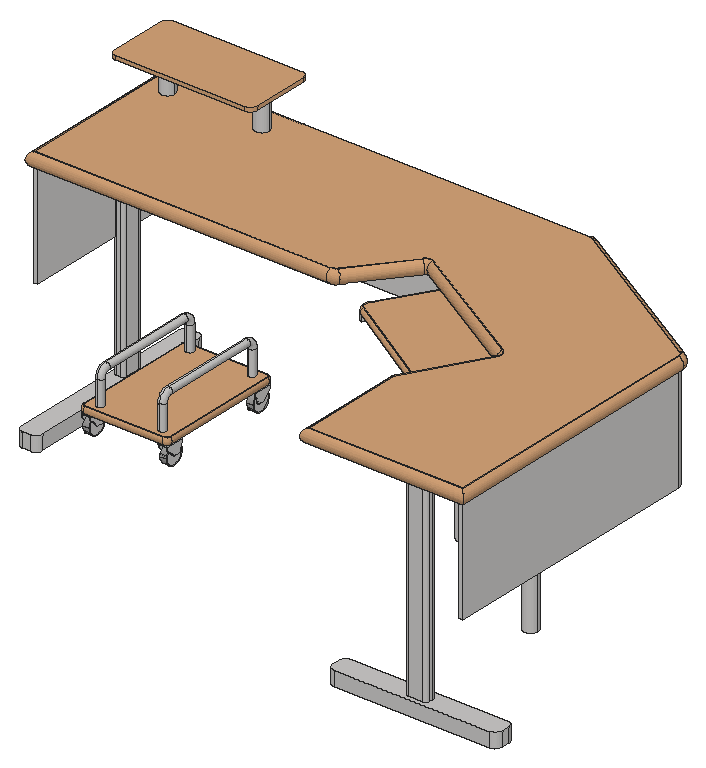
Revit family "Desk-Corner-Computer-2_SMARTBIM", category Furniture, Revit 2013
Parameters (values of type "Desk-Corner-Computer-2_Tectonic")
  Table = Wood Cherry
  Subcategory = "Office Furniture"
  Stand = Metal White
  SmartBIM Object Version = 3  # constant formula
  SmartBIM Object Created By = "SMARTBIM, LLC"  # "Reed Construction Data"
  Manufacturer = "SMARTBIM"
  Keyboard Depth = 12"
  Keyboard Width = 22"
  Height = 35 1/2"
  Depth = 40 1/2"
  Default Elevation = 0"  # constant formula
  Assembly Code = "E2010"
  95 CSI = "12510"  # constant formula
  04 CSI = "12 51 00"  # constant formula
Reference planes (in)
  plane 1 "Center F/B": y = 2.95731
  plane 2: z = 0
  plane 3 "Center L/R": x = -4
  plane 4 "Rare Edge Of The Table": y = 23.20731
  plane 5 "Front Edge Of The Table": y = -17.29269
  plane 6 "Left Edge Of The Table": x = -45.75
  plane 7 "Right Edge Of The Table": x = 37.75
  plane 8 "Top Edge Of The Table": z = 35.5
  plane 9: z = 33.5
  plane 10: y = -29.29269
  plane 11: z = 41.5
  plane 12: z = 3
  plane 13: z = 29.5
  plane 14: through (6.77835, 10.6128, 48) normal (0.5248, 0.8512, 0)
  plane 15: x = -39.75
  plane 16: x = -31.02671
Forms (in)
  Extrusion 1, solid, material "Wood Cherry" <- "Table"
    sketch origin (0, 0, 0) x (1, 0, 0) y (0, 1, 0)
      loop
        arc (-44.75, 23.20731) -> (-45.45711, 22.91442) -> (-45.75, 22.20731) r 1
        line (-45.75, 22.20731) -> (-45.75, 0.11432) -> (-4.26337, 0.11432)
        arc (-4.26337, 0.11432) -> (-3.82346, 0.21628) -> (-3.47325, 0.50136) r 1
        line (-3.47325, 0.50136) -> (2.31498, 7.96265)
        arc (2.31498, 7.96265) -> (2.91635, 8.33172) -> (3.6117, 8.21188) r 1
        line (3.6117, 8.21188) -> (21.959, -2.56865)
        arc (21.959, -2.56865) -> (22.42027, -3.1794) -> (22.31458, -3.93743) r 1
        line (22.31458, -3.93743) -> (16.35229, -14.20961)
        arc (16.35229, -14.20961) -> (16.24954, -14.4537) -> (16.21447, -14.71621) r 1
        line (16.21447, -14.71621) -> (16.21447, -29.29269) -> (37.75, -29.29269) -> (37.75, 8.46745)
        arc (37.75, 8.46745) -> (37.64804, 8.90736) -> (37.36295, 9.25757) r 1
        line (37.36295, 9.25757) -> (14.06929, 23.06949)
        arc (14.06929, 23.06949) -> (13.8252, 23.17224) -> (13.56269, 23.20731) r 1
        line (13.56269, 23.20731) -> (-44.75, 23.20731)
    from 33.5 to 35.5
  Sweep 2, solid, material "Wood Cherry" <- "Table"
    path origin (-75.69589, -180, 35.5) x (-1, 0, 0) y (0, -1, 0)
      loop
        line (-48.94589, -203.20731) -> (-30.94589, -203.20731)
        arc (-30.94589, -203.20731) -> (-30.23878, -202.91442) -> (-29.94589, -202.20731) r 1
        line (-29.94589, -202.20731) -> (-29.94589, -180.11432) -> (-71.43251, -180.11432)
        arc (-71.43251, -180.11432) -> (-71.87243, -180.21628) -> (-72.22264, -180.50136) r 1
        line (-72.22264, -180.50136) -> (-78.01086, -187.96265)
        arc (-78.01086, -187.96265) -> (-78.61224, -188.33172) -> (-79.30759, -188.21188) r 1
        line (-79.30759, -188.21188) -> (-97.65489, -177.43135)
        arc (-97.65489, -177.43135) -> (-98.11616, -176.8206) -> (-98.01046, -176.06257) r 1
        line (-98.01046, -176.06257) -> (-92.04817, -165.79039)
        arc (-92.04817, -165.79039) -> (-91.94542, -165.5463) -> (-91.91035, -165.28379) r 1
        line (-91.91035, -165.28379) -> (-91.91035, -150.70731) -> (-113.44589, -150.70731) -> (-113.44589, -188.46745)
        arc (-113.44589, -188.46745) -> (-113.34393, -188.90736) -> (-113.05884, -189.25757) r 1
        line (-113.05884, -189.25757) -> (-89.76518, -203.06949)
        arc (-89.76518, -203.06949) -> (-89.52109, -203.17224) -> (-89.25858, -203.20731) r 1
    profile origin (-45.45711, 22.91442, 35.5) x (0.707107, -0.707107, 0) y (0, 0, 1)
      loop
        arc (0, 0) -> (-0.69198, -1) -> (0, -2) r 1.06855
        line (0, -2) -> (0, 0)
  Extrusion 3, solid, material "Metal White" <- "Stand"
    sketch origin (-75.69589, -180, 35.5) x (-1, 0, 0) y (0, -1, 0)
      loop
        circle (-46.177, -199.71873) r 1
      loop
        circle (-32.927, -199.71873) r 1
    from 0 to 6
  Extrusion 4, solid, material "Wood Cherry" <- "Table"
    sketch origin (-75.69589, -180, 35.5) x (-1, 0, 0) y (0, -1, 0)
      loop
        arc (-30.94589, -203.20731) -> (-30.23878, -202.91442) -> (-29.94589, -202.20731) r 1
        line (-29.94589, -202.20731) -> (-29.94589, -194.20731)
        arc (-29.94589, -194.20731) -> (-30.23878, -193.5002) -> (-30.94589, -193.20731) r 1
        line (-30.94589, -193.20731) -> (-48.94589, -193.20731)
        arc (-48.94589, -193.20731) -> (-49.65299, -193.5002) -> (-49.94589, -194.20731) r 1
        line (-49.94589, -194.20731) -> (-49.94589, -202.20731)
        arc (-49.94589, -202.20731) -> (-49.65299, -202.91442) -> (-48.94589, -203.20731) r 1
        line (-48.94589, -203.20731) -> (-30.94589, -203.20731)
    from 6 to 6.5
  Extrusion 5, solid, material "Metal White" <- "Stand"
    sketch origin (-75.69589, -180, 35.5) x (-1, 0, 0) y (0, -1, 0)
      loop
        line (-29.94589, -205.20731) -> (-29.94589, -177.95731)
        arc (-29.94589, -177.95731) -> (-30.23878, -177.2502) -> (-30.94589, -176.95731) r 1
        line (-30.94589, -176.95731) -> (-31.94589, -176.95731)
        arc (-31.94589, -176.95731) -> (-32.65299, -177.2502) -> (-32.94589, -177.95731) r 1
        line (-32.94589, -177.95731) -> (-32.94589, -205.20731)
        arc (-32.94589, -205.20731) -> (-32.65299, -205.91442) -> (-31.94589, -206.20731) r 1
        line (-31.94589, -206.20731) -> (-30.94589, -206.20731)
        arc (-30.94589, -206.20731) -> (-30.23878, -205.91442) -> (-29.94589, -205.20731) r 1
      loop
        line (-90.69589, -156.70731) -> (-112.44589, -156.70731)
        arc (-112.44589, -156.70731) -> (-113.15299, -157.0002) -> (-113.44589, -157.70731) r 1
        line (-113.44589, -157.70731) -> (-113.44589, -158.70731)
        arc (-113.44589, -158.70731) -> (-113.15299, -159.41442) -> (-112.44589, -159.70731) r 1
        line (-112.44589, -159.70731) -> (-90.69589, -159.70731)
        arc (-90.69589, -159.70731) -> (-89.98878, -159.41442) -> (-89.69589, -158.70731) r 1
        line (-89.69589, -158.70731) -> (-89.69589, -157.70731)
        arc (-89.69589, -157.70731) -> (-89.98878, -157.0002) -> (-90.69589, -156.70731) r 1
    from -35.5 to -33.5
  Extrusion 6, solid, material "Metal White" <- "Stand"
    sketch origin (-75.69589, -180, 35.5) x (-1, 0, 0) y (0, -1, 0)
      loop
        arc (-31.00257, -196.27152) -> (-30.64902, -196.12508) -> (-30.50257, -195.77152) r 0.5
        line (-30.50257, -195.77152) -> (-30.50257, -193.77152)
        arc (-30.50257, -193.77152) -> (-30.64902, -193.41797) -> (-31.00257, -193.27152) r 0.5
        line (-31.00257, -193.27152) -> (-31.50257, -193.27152)
        arc (-31.50257, -193.27152) -> (-31.85613, -193.41797) -> (-32.00257, -193.77152) r 0.5
        line (-32.00257, -193.77152) -> (-32.00257, -195.77152)
        arc (-32.00257, -195.77152) -> (-31.85613, -196.12508) -> (-31.50257, -196.27152) r 0.5
        line (-31.50257, -196.27152) -> (-31.00257, -196.27152)
      loop
        arc (-100.61378, -158.84059) -> (-100.26023, -158.69414) -> (-100.11378, -158.34059) r 0.5
        line (-100.11378, -158.34059) -> (-100.11378, -157.84059)
        arc (-100.11378, -157.84059) -> (-100.26023, -157.48704) -> (-100.61378, -157.34059) r 0.5
        line (-100.61378, -157.34059) -> (-102.61378, -157.34059)
        arc (-102.61378, -157.34059) -> (-102.96734, -157.48704) -> (-103.11378, -157.84059) r 0.5
        line (-103.11378, -157.84059) -> (-103.11378, -158.34059)
        arc (-103.11378, -158.34059) -> (-102.96734, -158.69414) -> (-102.61378, -158.84059) r 0.5
        line (-102.61378, -158.84059) -> (-100.61378, -158.84059)
    from -2 to -33.5
  Extrusion 7, solid, material "Wood Cherry" <- "Table"
    sketch origin (-75.69589, -180, 35.5) x (-1, 0, 0) y (0, -1, 0)
      loop
        arc (-45.80753, -182.95731) -> (-46.16109, -183.10376) -> (-46.30753, -183.45731) r 0.5
        line (-46.30753, -183.45731) -> (-46.30753, -200.45731)
        arc (-46.30753, -200.45731) -> (-46.16109, -200.81086) -> (-45.80753, -200.95731) r 0.5
        line (-45.80753, -200.95731) -> (-34.80753, -200.95731)
        arc (-34.80753, -200.95731) -> (-34.45398, -200.81086) -> (-34.30753, -200.45731) r 0.5
        line (-34.30753, -200.45731) -> (-34.30753, -183.45731)
        arc (-34.30753, -183.45731) -> (-34.45398, -183.10376) -> (-34.80753, -182.95731) r 0.5
        line (-34.80753, -182.95731) -> (-45.80753, -182.95731)
    from -31.5 to -32.5
  Sweep 8, solid, material "Wood Cherry" <- "Table"
    path in 3D
      loop
        arc (-29.38836, 20.45731, 4) -> (-29.5348, 20.81086, 4) -> (-29.88836, 20.95731, 4) r 0.5
        line (-29.88836, 20.95731, 4) -> (-40.88836, 20.95731, 4)
        arc (-40.88836, 20.95731, 4) -> (-41.24191, 20.81086, 4) -> (-41.38836, 20.45731, 4) r 0.5
        line (-41.38836, 20.45731, 4) -> (-41.38836, 3.45731, 4)
        arc (-41.38836, 3.45731, 4) -> (-41.24191, 3.10376, 4) -> (-40.88836, 2.95731, 4) r 0.5
        line (-40.88836, 2.95731, 4) -> (-29.88836, 2.95731, 4)
        arc (-29.88836, 2.95731, 4) -> (-29.5348, 3.10376, 4) -> (-29.38836, 3.45731, 4) r 0.5
        line (-29.38836, 3.45731, 4) -> (-29.38836, 20.45731, 4)
    profile origin (-29.38836, 11.95731, 4) x (-1, 0, 0) y (0, 0, 1)
      loop
        arc (0, 0) -> (-0.19183, -0.5) -> (0, -1) r 0.74752
        line (0, -1) -> (0, 0)
  Extrusion 9, solid, material "Metal White" <- "Stand"
    sketch origin (-75.69589, -180, 35.5) x (-1, 0, 0) y (0, -1, 0)
      loop
        circle (-99.38505, -180.18713) r 1
      loop
        circle (-81.04274, -191.49533) r 1
    from -35.5 to -6
  Sweep 10, solid, material "Metal White" <- "Stand"
    path origin (-75.69589, -180, 35.5) x (-1, 0, 0) y (0, -1, 0)
      loop
        line (-29.94589, -180.11432) -> (-29.94589, -202.20731)
        arc (-29.94589, -202.20731) -> (-30.23878, -202.91442) -> (-30.94589, -203.20731) r 1
        line (-30.94589, -203.20731) -> (-89.25858, -203.20731)
        arc (-89.25858, -203.20731) -> (-89.52109, -203.17224) -> (-89.76518, -203.06949) r 1
        line (-89.76518, -203.06949) -> (-113.05884, -189.25757)
        arc (-113.05884, -189.25757) -> (-113.34393, -188.90736) -> (-113.44589, -188.46745) r 1
        line (-113.44589, -188.46745) -> (-113.44589, -150.70731)
    profile origin (37.64804, 8.90736, 35.5) x (0.89804, 0.439914, 0) y (0, 0, 1)
      loop
        line (0, -2) -> (-0.5, -2) -> (-0.5, -16.5) -> (0, -16.5) -> (0, -2)
  Sweep 11, solid, material "Metal White" <- "Stand"
    path origin (-39.75, 29.5135, 48) x (0, 1, 0) y (0, 0, 1)
      loop
        line (-9.66703, -44) -> (-9.66703, -40.56341)
        arc (-9.66703, -40.56341) -> (-9.95992, -39.85631) -> (-10.66703, -39.56341) r 1
        line (-10.66703, -39.56341) -> (-24.32036, -39.56341)
        arc (-24.32036, -39.56341) -> (-25.02747, -39.85631) -> (-25.32036, -40.56341) r 1
        line (-25.32036, -40.56341) -> (-25.32036, -44)
    profile origin (-39.75, 19.84648, 5.71829) x (0, -1, 0) y (1, 0, 0)
      loop
        circle (0, 0) r 0.5
  Sweep 12, solid, material "Metal White" <- "Stand"
    path origin (-31.02671, 29.5135, 48) x (0, 1, 0) y (0, 0, 1)
      loop
        line (-9.66703, -44) -> (-9.66703, -40.56341)
        arc (-9.66703, -40.56341) -> (-9.95992, -39.85631) -> (-10.66703, -39.56341) r 1
        line (-10.66703, -39.56341) -> (-24.32036, -39.56341)
        arc (-24.32036, -39.56341) -> (-25.02747, -39.85631) -> (-25.32036, -40.56341) r 1
        line (-25.32036, -40.56341) -> (-25.32036, -44)
    profile origin (-31.02671, 19.84648, 5.71829) x (0, 1, 0) y (-1, 0, 0)
      loop
        circle (0, 0) r 0.5
Cuts and joins
  joined: Extrusion 3, Sweep 11
Lines and regions (in)
  sketch lines
    curve 1: line (-29.38836, 3.45731, 4) -> (-29.38836, 20.45731, 4)
    curve 2: arc (-29.88836, 20.95731, 4) -> (-29.5348, 20.81086, 4) -> (-29.38836, 20.45731, 4) r 0.5
    curve 3: line (-29.88836, 20.95731, 4) -> (-40.88836, 20.95731, 4)
    curve 4: arc (-41.38836, 20.45731, 4) -> (-41.24191, 20.81086, 4) -> (-40.88836, 20.95731, 4) r 0.5
    curve 5: line (-41.38836, 20.45731, 4) -> (-41.38836, 3.45731, 4)
    curve 6: arc (-40.88836, 2.95731, 4) -> (-41.24191, 3.10376, 4) -> (-41.38836, 3.45731, 4) r 0.5
    curve 7: line (-40.88836, 2.95731, 4) -> (-29.88836, 2.95731, 4)
    curve 8: arc (-29.38836, 3.45731, 4) -> (-29.5348, 3.10376, 4) -> (-29.88836, 2.95731, 4) r 0.5
Dimensions and locks (in)
  equal spacing: plane 4 "Rare Edge Of The Table", plane 1 "Center F/B", plane 5 "Front Edge Of The Table"
  "Depth": plane 4 "Rare Edge Of The Table" to plane 5 "Front Edge Of The Table"
  equal spacing: plane 6 "Left Edge Of The Table", plane 3 "Center L/R", plane 7 "Right Edge Of The Table"
  locked: plane 6 "Left Edge Of The Table" to plane 7 "Right Edge Of The Table" at 83.5
  "Height": plane 8 "Top Edge Of The Table" to plane 2
  locked: plane 8 "Top Edge Of The Table" to plane 9 at 2
  locked: plane 5 "Front Edge Of The Table" to plane 10 at 12
  locked: plane 11 to plane 8 "Top Edge Of The Table" at 6
  locked: Extrusion 4 to Extrusion 4 at 0.5
  locked: Extrusion 5 sketch curve to plane 1 "Center F/B" at 6
  locked: Extrusion 5 sketch curve to plane 4 "Rare Edge Of The Table" at 3
  locked: Extrusion 5 to Extrusion 5 at 2
  locked: Extrusion 6 sketch curve to Extrusion 5 at 0.94331
  locked: Extrusion 5 to Extrusion 6 sketch curve at 0.55669
  locked: plane 12 to level at 3
  locked: Extrusion 7 to Extrusion 7 at 1
  locked: Extrusion 7 sketch curve to Extrusion 7 sketch curve at 18
  locked: Extrusion 7 sketch curve to Extrusion 7 sketch curve at 12
  locked: plane 6 "Left Edge Of The Table" to Extrusion 7 sketch curve at 4.36164
  locked: plane 9 to plane 13 at 4
  locked: plane 6 "Left Edge Of The Table" to plane 15 at 6
  locked: Sweep 12 sketch curve to Sweep 12 sketch curve at 15.65333
  locked: Sweep 11 sketch curve to Sweep 11 sketch curve at 15.65333
  locked: nested 5 to Extrusion 9 sketch curve at 1.27399  (x2)
  aligned and locked: Extrusion 1 sketch curve to plane 4 "Rare Edge Of The Table"
  aligned and locked: Extrusion 1 sketch curve to plane 6 "Left Edge Of The Table"
  aligned and locked: plane 8 "Top Edge Of The Table" to Extrusion 1
  aligned and locked: Extrusion 1 to plane 9
  aligned and locked: plane 10 to Extrusion 1 sketch curve
  aligned and locked: Sweep 2 sketch curve to Extrusion 1  (x11)
  aligned and locked: Extrusion 1 to Sweep 2 sketch curve  (x2)
  aligned and locked: plane 11 to Extrusion 3
  aligned and locked: Extrusion 3 to plane 8 "Top Edge Of The Table"
  aligned and locked: Extrusion 4 sketch curve to plane 4 "Rare Edge Of The Table"
  aligned and locked: Extrusion 4 sketch curve to plane 6 "Left Edge Of The Table"
  aligned and locked: Extrusion 4 to plane 11
  aligned and locked: Extrusion 5 sketch curve to plane 6 "Left Edge Of The Table"
  aligned and locked: Extrusion 5 sketch curve to plane 7 "Right Edge Of The Table"
  aligned and locked: Extrusion 5 to level
  aligned and locked: Extrusion 6 to Extrusion 5
  aligned and locked: plane 9 to Extrusion 6
  aligned and locked: Extrusion 7 sketch curve to plane 1 "Center F/B"
  aligned and locked: Extrusion 7 to plane 12
  aligned and locked: Extrusion 7 to Sweep 8 sketch curve
  aligned and locked: Sweep 8 sketch curve to Extrusion 7  (x2)
  aligned and locked: plane 1 "Center F/B" to nested 1
  aligned and locked: nested 2 to plane 1 "Center F/B"
  aligned and locked: nested 3 to nested 1
  aligned and locked: nested 4 to nested 2
  aligned and locked: plane 13 to Extrusion 9
  aligned and locked: plane 13 to nested 5
  aligned and locked: nested 5 to plane 14
  aligned and locked: profile plane to Sweep 10 sketch curve
  aligned and locked: Extrusion 9 to level
  aligned and locked: Sweep 2 sketch curve to Extrusion 4
  aligned and locked: Sweep 10 sketch curve to Extrusion 1
Automatic sketch dimensions
  Extrusion 1 sketch curve to plane 7 "Right Edge Of The Table" = 0"
  Extrusion 1 sketch curve to Extrusion 1 sketch curve = 1"
  Extrusion 1 sketch curve to plane 3 "Center L/R" = 0.26337"
  plane 3 "Center L/R" to Extrusion 1 sketch curve = 0.52675"
  plane 3 "Center L/R" to Extrusion 1 sketch curve = 6.31498"
  Extrusion 1 sketch curve to Extrusion 1 sketch curve = 0.79012"
  Extrusion 1 sketch curve to Extrusion 1 sketch curve = 0.5066"  (x4)
  plane 3 "Center L/R" to Extrusion 1 sketch curve = 17.56269"
  Extrusion 1 sketch curve to plane 4 "Rare Edge Of The Table" = 0.13782"
  plane 5 "Front Edge Of The Table" to Extrusion 1 sketch curve = 2.57648"
  plane 3 "Center L/R" to Extrusion 1 sketch curve = 20.21447"
  plane 5 "Front Edge Of The Table" to Extrusion 1 sketch curve = 3.08308"
  Extrusion 1 sketch curve to Extrusion 1 sketch curve = 0.13782"
  Extrusion 1 sketch curve to Extrusion 1 sketch curve = 5.10011"
  plane 1 "Center F/B" to Extrusion 1 sketch curve = 6.89474"
  Extrusion 1 sketch curve to Extrusion 1 sketch curve = 0.86218"
  Extrusion 1 sketch curve to plane 7 "Right Edge Of The Table" = 1"
  Extrusion 1 sketch curve to plane 7 "Right Edge Of The Table" = 0.38705"
  plane 1 "Center F/B" to Extrusion 1 sketch curve = 2.84299"
  Extrusion 1 sketch curve to Extrusion 1 sketch curve = 0.38705"
  Extrusion 1 sketch curve to plane 1 "Center F/B" = 4.39239"
  Extrusion 1 sketch curve to Extrusion 1 sketch curve = 0.61295"
  Extrusion 1 sketch curve to plane 1 "Center F/B" = 5.51014"
  Sweep 2 sketch curve to Sweep 2 sketch curve = 0.86218"
  plane 1 "Center F/B" to Sweep 2 sketch curve = 5.52596"
  Sweep 2 sketch curve to Sweep 2 sketch curve = 0.13782"
  Sweep 2 sketch curve to Sweep 2 sketch curve = 0.5066"
  Sweep 2 sketch curve to Sweep 2 sketch curve = 0.79012"
  plane 3 "Center L/R" to Sweep 2 sketch curve = 0.52675"
  Sweep 2 sketch curve to profile plane = 0.37657"
  Extrusion 3 sketch curve to plane 16 = 1 65/128"
  plane 6 "Left Edge Of The Table" to Extrusion 3 sketch curve = 2.98112"
  Extrusion 3 sketch curve to plane 4 "Rare Edge Of The Table" = 3.48858"  (x2)
  plane 6 "Left Edge Of The Table" to Extrusion 4 sketch curve = 1"  (x2)
  Extrusion 4 sketch curve to plane 16 = 4.27671"  (x2)
  Extrusion 4 sketch curve to plane 4 "Rare Edge Of The Table" = 1"
  Extrusion 4 sketch curve to Extrusion 4 sketch curve = 8"
  Extrusion 5 sketch curve to plane 7 "Right Edge Of The Table" = 1"  (x2)
  Extrusion 5 sketch curve to plane 5 "Front Edge Of The Table" = 3"
  plane 3 "Center L/R" to Extrusion 5 sketch curve = 19"
  Extrusion 5 sketch curve to Extrusion 5 sketch curve = 0"
  Extrusion 5 sketch curve to Extrusion 5 sketch curve = 1"  (x6)
  Extrusion 5 sketch curve to Extrusion 5 sketch curve = 3"
  Extrusion 6 sketch curve to plane 5 "Front Edge Of The Table" = 4.36672"
  Extrusion 6 sketch curve to plane 7 "Right Edge Of The Table" = 13.33211"
  Extrusion 6 sketch curve to Extrusion 6 sketch curve = 1/2"  (x8)
  Extrusion 6 sketch curve to Extrusion 6 sketch curve = 2"  (x2)
  Extrusion 6 sketch curve to Extrusion 6 sketch curve = 0"
  Extrusion 6 sketch curve to plane 4 "Rare Edge Of The Table" = 9.93579"
  Extrusion 7 sketch curve to Extrusion 7 sketch curve = 1/2"  (x4)
  Sweep 8 sketch curve to profile plane = 0.55569"
  plane 1 "Center F/B" to Sweep 10 sketch curve = 2.84299"
  Sweep 10 sketch curve to plane 5 "Front Edge Of The Table" = 12"
  profile plane to Sweep 10 sketch curve = 1/2"
  Sweep 10 sketch curve to Sweep 10 sketch curve = 14 1/2"
  Sweep 11 sketch curve to plane 1 "Center F/B" = 1.23583"
  Sweep 11 sketch curve to Sweep 11 sketch curve = 1"  (x2)
  Sweep 11 sketch curve to Sweep 11 sketch curve = 3.43659"
  Sweep 11 sketch curve to plane 15 = 0"
  Sweep 11 sketch curve to profile plane = 0"
  Sweep 12 sketch curve to profile plane = 0"  (x2)
  plane 1 "Center F/B" to Sweep 12 sketch curve = 1.23583"
  Sweep 12 sketch curve to Sweep 12 sketch curve = 1"  (x2)
  Sweep 12 sketch curve to plane 12 = 1"  (x2)
  Sweep 12 sketch curve to Sweep 12 sketch curve = 3.43659"
  plane 12 to Sweep 11 sketch curve = 1"  (x2)
  Sweep 2 sketch curve to plane 16 = 4.27671"
  Sweep 10 sketch curve to plane 7 "Right Edge Of The Table" = 0"
  Sweep 10 sketch curve to plane 6 "Left Edge Of The Table" = 0"
  Sweep 10 sketch curve to plane 7 "Right Edge Of The Table" = 0.38705"
  Sweep 10 sketch curve to Sweep 10 sketch curve = 1"
  Sweep 10 sketch curve to plane 4 "Rare Edge Of The Table" = 0.13782"
  plane 3 "Center L/R" to Sweep 10 sketch curve = 18.06929"
  Sweep 10 sketch curve to Sweep 10 sketch curve = 0.5066"
  Sweep 10 sketch curve to plane 4 "Rare Edge Of The Table" = 1"
  Sweep 10 sketch curve to plane 1 "Center F/B" = 6.30026"
  Extrusion 9 sketch curve to plane 14 = 0"  (x2)
  radius of Extrusion 3 sketch curve = 1"  (x2)
  radius of Sweep 11 sketch curve = 1/2"
  radius of Sweep 12 sketch curve = 1/2"
  radius of Extrusion 9 sketch curve = 1"  (x2)
Nested families (in)
  nested 1: "Small Wheel" at (-40.7446, 4.19314, 0) x (0, 1, 0) z (0, 0, 1), type "Small Wheel"
  nested 2: "Small Wheel" at (-30.03212, 4.19314, 0) x (0, 1, 0) z (0, 0, 1), type "Small Wheel"
  nested 3: "Small Wheel" at (-40.7446, 19.72148, 0) x (0, -1, 0) z (0, 0, 1), type "Small Wheel"
  nested 4: "Small Wheel" at (-30.03212, 19.72148, 0) x (0, -1, 0) z (0, 0, 1), type "Small Wheel"
  nested 5: "Key Board Plate" at (9.79669, -1.06599, 29.5) x (0.8512, -0.5248, 0) z (0, 0, 1), type "Key Board Plate"
    with Width 22", Depth 12"
Definition of nested family "Small Wheel"
  Parameters (values of type "Small Wheel")
    Rubber Wheel = Rubber
    Grips Of The Wheel's = Stainless Steel
    Assembly Code = ""
  Reference planes (in)
    plane 1 "Center F/B": y = 0
    plane 2: z = 0
    plane 3 "Center L/R": x = 0
  Forms (in)
    Extrusion 1, solid, material "Stainless Steel" <- "Grips Of The Wheel's"
      sketch origin (27.89668, 0.44611, -2.21649) x (1, 0, 0) y (0, 0, 1)
        loop
          circle (-27.73472, 3.53117) r 1.31691
      from -0.0435 to 0.8651
    Extrusion 2, solid, material "Stainless Steel" <- "Grips Of The Wheel's"
      sketch origin (27.89668, 0.44611, -2.19384) x (1, 0, 0) y (0, 1, 0)
        loop
          line (-26.52198, 0.19765) -> (-29.13251, 0.19765) -> (-29.13251, -1.08987) -> (-26.52198, -1.08987) -> (-26.52198, 0.19765)
      from 4.9967 to 5.19384
    Extrusion 3, solid, material "Stainless Steel" <- "Grips Of The Wheel's"
      sketch origin (27.89668, -0.44611, -1.96649) x (1, 0, 0) y (0, 0, -1)
        loop
          line (-28.16516, -3.41981) -> (-29.0165, -4.35063)
          arc (-29.0165, -4.35063) -> (-29.06081, -4.62015) -> (-28.83203, -4.76936) r 0.25
          line (-28.83203, -4.76936) -> (-26.81461, -4.76936)
          arc (-26.81461, -4.76936) -> (-26.62191, -4.67183) -> (-26.58639, -4.4588) r 0.23914
          line (-26.58639, -4.4588) -> (-26.73895, -3.97125) -> (-26.91604, -3.49226)
          arc (-26.91604, -3.49226) -> (-27.09983, -3.30079) -> (-27.35571, -3.23035) r 0.5
          line (-27.35571, -3.23035) -> (-27.73511, -3.23035)
          arc (-27.73511, -3.23035) -> (-27.97008, -3.27981) -> (-28.16516, -3.41981) r 0.58279
      from -0.19765 to -0.06918
    Extrusion 4, solid, material "Stainless Steel" <- "Grips Of The Wheel's"
      sketch origin (27.89668, 0.7067, -1.96649) x (1, 0, 0) y (0, 0, -1)
        loop
          line (-28.16516, -3.41981) -> (-29.01999, -4.35444)
          arc (-29.01999, -4.35444) -> (-29.06429, -4.62396) -> (-28.83551, -4.77316) r 0.25
          line (-28.83551, -4.77316) -> (-26.82065, -4.77316)
          arc (-26.82065, -4.77316) -> (-26.61814, -4.66975) -> (-26.58316, -4.44508) r 0.25
          line (-26.58316, -4.44508) -> (-26.73895, -3.97125) -> (-26.91604, -3.49226)
          arc (-26.91604, -3.49226) -> (-27.09983, -3.30079) -> (-27.35571, -3.23035) r 0.5
          line (-27.35571, -3.23035) -> (-27.73511, -3.23035)
          arc (-27.73511, -3.23035) -> (-27.97008, -3.27981) -> (-28.16516, -3.41981) r 0.58279
      from -0.18267 to -0.06294
    Extrusion 5, solid, material "Default"
      sketch origin (0, 0, 0) x (1, 0, 0) y (0, 0, 1)
        loop
          circle (0.16196, 1.31467) r 1.31691
        loop
          circle (0.16196, 1.31467) r 1.32893
      from -0.48961 to 0.41899
  Cuts and joins
    joined: Extrusion 1, Extrusion 2
  Dimensions and locks (in)
    locked: cut or joined group of Extrusion 1, Extrusion 2 to level at 3
    aligned and locked: cut or joined group of Extrusion 1, Extrusion 2 to Extrusion 3
    aligned and locked: Extrusion 4 sketch curve to Extrusion 3
    aligned and locked: Extrusion 5 sketch curve to cut or joined group of Extrusion 1, Extrusion 2  (x2)
    aligned and locked: Extrusion 5 to cut or joined group of Extrusion 1, Extrusion 2
    aligned: Extrusion 5 to cut or joined group of Extrusion 1, Extrusion 2
Definition of nested family "Key Board Plate"
  Parameters (values of type "Key Board Plate")
    Width = 18"
    Stand = Metal White
    Key Board Plate = Wood Cherry
    Depth = 9"
    Default Elevation = 48"
  Reference planes (in)
    plane 1 "Center (Front/Back)": y = 2.35734
    plane 2: z = 0
    plane 3 "Center (Left/Right)": x = 0.39408
    plane 4: x = -8.60592
    plane 5: x = 9.39408
    plane 6: y = 6.85734
    plane 7: y = -2.14266
  Forms (in)
    Extrusion 1, solid, material "Wood Cherry" <- "Key Board Plate"
      sketch origin (191.95731, -40.30753, 1.25) x (0, -1, 0) y (1, 0, 0)
        loop
          arc (-46.66487, -182.56323) -> (-47.01843, -182.70968) -> (-47.16487, -183.06323) r 0.5
          line (-47.16487, -183.06323) -> (-47.16487, -200.06323)
          arc (-47.16487, -200.06323) -> (-47.01843, -200.41678) -> (-46.66487, -200.56323) r 0.5
          line (-46.66487, -200.56323) -> (-39.26487, -200.56323)
          arc (-39.26487, -200.56323) -> (-38.48706, -200.24105) -> (-38.16487, -199.46323) r 1.1
          line (-38.16487, -199.46323) -> (-38.16487, -183.06323)
          arc (-38.16487, -183.06323) -> (-38.31132, -182.70968) -> (-38.66487, -182.56323) r 0.5
          line (-38.66487, -182.56323) -> (-46.66487, -182.56323)
      from 0.75 to -0.25
    Sweep 2, solid, material "Wood Cherry" <- "Key Board Plate"
      path origin (191.95731, -40.30753, 2) x (0, -1, 0) y (1, 0, 0)
        loop
          line (-47.16487, -183.06323) -> (-47.16487, -200.06323)
          arc (-47.16487, -200.06323) -> (-47.01843, -200.41678) -> (-46.66487, -200.56323) r 0.5
          line (-46.66487, -200.56323) -> (-39.26487, -200.56323)
          arc (-39.26487, -200.56323) -> (-38.48706, -200.24105) -> (-38.16487, -199.46323) r 1.1
          line (-38.16487, -199.46323) -> (-38.16487, -183.06323)
          arc (-38.16487, -183.06323) -> (-38.31132, -182.70968) -> (-38.66487, -182.56323) r 0.5
          line (-38.66487, -182.56323) -> (-46.66487, -182.56323)
          arc (-46.66487, -182.56323) -> (-47.01843, -182.70968) -> (-47.16487, -183.06323) r 0.5
      profile origin (0.39408, 6.85734, 2) x (0, -1, 0) y (0, 0, 1)
        loop
          arc (0, 0) -> (-0.32649, -0.5) -> (0, -1) r 0.5461
          line (0, -1) -> (0, 0)
    Extrusion 3, solid, material "Metal White" <- "Stand"
      sketch origin (0.39408, 4.71469, 0) x (0, -1, 0) y (0, 0, -1)
        loop
          line (6.85734, -1) -> (6.85734, 0) -> (-4.89266, 0) -> (-4.89266, -0.5) -> (6.35734, -0.5) -> (6.35734, -1) -> (6.85734, -1)
      from 8.5 to 9
    Extrusion 4, solid, material "Metal White" <- "Stand"
      sketch origin (0.39408, 4.71469, 0) x (0, -1, 0) y (0, 0, 1)
        loop
          line (6.85734, 1) -> (6.35734, 1) -> (6.35734, 0.5) -> (-4.89266, 0.5) -> (-4.89266, 0) -> (6.85734, 0) -> (6.85734, 1)
      from 8.5 to 9
  Cuts and joins
    joined: Extrusion 3, Extrusion 4
  Dimensions and locks (in)
    equal spacing: plane 4, plane 3 "Center (Left/Right)", plane 5
    "Width": plane 4 to plane 5
    equal spacing: plane 6, plane 1 "Center (Front/Back)", plane 7
    "Depth": plane 6 to plane 7
    locked: Extrusion 1 to Extrusion 1 at 1
    locked: Extrusion 3 to Extrusion 3 at 0.5
    locked: Extrusion 4 to Extrusion 4 at 0.5
    aligned and locked: Sweep 2 sketch curve to Extrusion 1  (x5)
    aligned and locked: Extrusion 1 to Sweep 2 sketch curve
    aligned and locked: cut or joined group of Extrusion 3, Extrusion 4 to plane 4
    aligned and locked: plane 5 to cut or joined group of Extrusion 3, Extrusion 4
  Automatic sketch dimensions
    Extrusion 1 sketch curve to plane 6 = 0"
    Extrusion 1 sketch curve to plane 4 = 0"
    Extrusion 1 sketch curve to plane 5 = 0"
    Extrusion 1 sketch curve to plane 7 = 0"
    Extrusion 1 sketch curve to plane 6 = 1/2"  (x2)
    plane 7 to Extrusion 1 sketch curve = 1.1"
    Extrusion 1 sketch curve to plane 5 = 1/2"
    Sweep 2 sketch curve to profile plane = 0.21961"
    Sweep 2 sketch curve to profile plane = 1/2"
    Extrusion 3 sketch curve to level = 0"
    Extrusion 3 sketch curve to plane 7 = 0"
    Extrusion 3 sketch curve to plane 7 = 1/2"
    Extrusion 3 sketch curve to level = 1/2"
    Extrusion 3 sketch curve to plane 6 = 2 3/4"
    Extrusion 3 sketch curve to Extrusion 3 sketch curve = 1/2"
    Extrusion 4 sketch curve to level = 0"
    Extrusion 4 sketch curve to plane 7 = 0"
    plane 7 to Extrusion 4 sketch curve = 1/2"
    level to Extrusion 4 sketch curve = 1/2"
    plane 6 to Extrusion 4 sketch curve = 2 3/4"
    Extrusion 4 sketch curve to Extrusion 4 sketch curve = 1/2"
